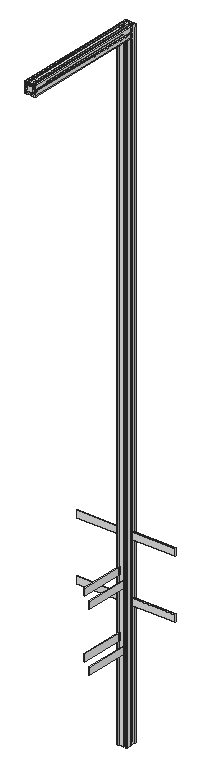
Revit family "Assmbly_PD6-Pole_3Bkt-1dbl-2singl_Rakks", category Specialty Equipment, Revit 2026
Family settings
  Round Connector Dimension = Use Diameter
  Part Type = Normal
  Classification Number = 23.40.50.31.11.14
  Work Plane-Based = No
  Enable Cutting in Views = No
  Always vertical = Yes
  Cut with Voids When Loaded = No
  Maintain Annotation Orientation = No
  Shared = Yes
  Room Calculation Point = No
Parameters
  Warranty Duration (Years) = 0
  Wall Location [instance] = 1' - 10 21/32"
  Unit Height [instance] = 10' - 0"
  URL = "http://www.rakks.com/"
  Type Comments = "Universal and Aria Brackets may not be used with SQ Standards"
  Test Data = "http://www.rakks.com/pdfs/Rangine_Corporation_Leed_Statement.pdf"
  Pole Type [instance] = Pole-PD6_Rakks : G Mount
  Specification = "http://www.arcat.com/sdspecs/htm/10670rak.htm"
  Shelf Overhang = 0' - 2"
  Shelf Length [instance] = 3' - 0"
  Send Message = "http://www.arcat.com/users.pl?action=UserEmail&company=Rangine%20Corp.%20-%20Rakks&coid=35076&rep=116&fax=781-455-8702&mf="
  Sales Information = "http://store.rakks.com/"
  Revision = "R1_03-2010"
  Product Properties = "http://www.arcat.com/bim/bim_info.pl?fn=Shelving_Rakks"
  Product Data = "http://www.arcat.com/arcatcos/cos35/arc35076.html"
  Model = ""
  Material = Metal - Clear Anodized
  Manufacturer's Notes = "Aluminum Shelves may only be used with rectangular brackets"
  Manufacturer Website = "http://www.rakks.com/"
  Manufacturer Phone - Toll Free = "800-826-6006"
  Manufacturer Phone = "781-455-8700"
  Manufacturer Fax = "781-455-8702"
  Manufacturer Address = "330 Reservoir St., Needham, MA 02494"
  Manufacturer = "Rangine Corp. - Rakks"
  Maintenance Schedule (Months) = 0
  Keynote = "10 56 00"
  Installation-Fabrication = "http://www.rakks.com/literature/install.html"
  Installation Phase = ""
  Ht8 [instance] = 1' - 1"
  Ht7 [instance] = 1' - 1"
  Ht6 [instance] = 0' - 11 15/32"
  Ht5 [instance] = 0' - 10 25/32"
  Ht4 [instance] = 1' - 2"
  Ht3 [instance] = 1' - 4"
  Ht2 [instance] = 0' - 11"
  Ht1 [instance] = 2' - 0 3/4"
  Green Building-LEED = "http://www.arcat.com/green/clients/leed_data_35076.html"
  Expected Lifespan (Years) = 0
  Drawn By = "Robert S. Weygant, CSI, CDT, SCIP"
  Description = ""
  Default Elevation = 0' - 0"
  Copyright = "2010, ARCAT, Inc"
  Construction Details = "http://www.arcat.com/details/rangine/rangine.html?coid=35076"
  Capacity (Weight) = 0.00 lbf
  Building Codes = ""
  Brackets [instance] = 2
  Bracket Type [instance] = Bkt-Rectangular_Rakks : Bkt-Rectangular_Rakks
  Bracket Location = 0' - 0 3/8"
  Assembly Code = "E1010500"
  9Offset [instance] = 0' - 7 227/256"
  8Offset [instance] = 0' - 2 33/64"
  8Bkt [instance] = Brackets > 7  # no
  7Offset [instance] = 0' - 4 25/64"
  7Bkt [instance] = Brackets > 6  # no
  6Offset [instance] = 0' - 6 1/64"
  6Bkt [instance] = Brackets > 5  # no
  5Offset [instance] = 0' - 7 227/256"
  5Bkt [instance] = Brackets > 4  # no
  4Offset [instance] = 0' - 2 33/64"
  4Bkt [instance] = Brackets > 3  # no
  3Offset [instance] = 0' - 4 25/64"
  3Bkt [instance] = Brackets > 2  # no
  32Offset [instance] = 0' - 2.51579"
  31Offset [instance] = 0' - 4.38896"
  30Offset [instance] = 0' - 6.01579"
  2Offset [instance] = 0' - 6 1/64"
  2Bkt [instance] = Brackets > 1  # yes
  29Offset [instance] = 0' - 7.88789"
  28Offset [instance] = 0' - 2.51579"
  27Offset [instance] = 0' - 4.38896"
  26Offset [instance] = 0' - 6.01579"
  25Offset [instance] = 0' - 7.88789"
  24Offset = 0' - 2.51579"
  23Offset [instance] = 0' - 4.38896"
  22Offset [instance] = 0' - 6.01579"
  21Offset [instance] = 0' - 7.88789"
  20Offset [instance] = 0' - 2.51579"
  1Offset [instance] = 0' - 7 227/256"
  19Offset [instance] = 0' - 4.38896"
  18Offset [instance] = 0' - 6.01579"
  17Offset [instance] = 0' - 7.88789"
  16Offset [instance] = 0' - 2.51579"
  15Offset [instance] = 0' - 4.38896"
  14Offset [instance] = 0' - 6.01579"
  13Offset [instance] = 0' - 7.88789"
  12Offset [instance] = 0' - 2 33/64"
  11Offset [instance] = 0' - 4 25/64"
  10Offset [instance] = 0' - 6 1/64"
Reference planes (in)
  plane 1 "Center (Front/Back)": y = 0
  plane 2: z = 0
  plane 3 "Center (Left/Right)": x = 0.21548
  plane 4: z = 120
  plane 5: y = -0.375
  plane 6: z = 24.75
  plane 7: z = 35.75
  plane 8: z = 51.75
  plane 9: z = 65.75
  plane 10: z = 76.53125
  plane 11: z = 88
  plane 12: x = 34.21548
  plane 13: x = -1.78452
  plane 14: x = 32.21548
  plane 15: y = -0.75
  plane 16: z = 101
  plane 17: z = 114
  plane 18: y = 0.375
  plane 19: y = 0.75
  plane 20: x = -0.15952
  plane 21: x = 0.59048
  plane 22: y = -22.28125
  plane 23: z = 111.48421
  plane 24: z = 109.61104
  plane 25: z = 107.98421
  plane 26: z = 106.11211
  plane 27: z = 98.48421
  plane 28: z = 96.61104
  plane 29: z = 94.98421
  plane 30: z = 93.11211
  plane 31: z = 85.48421
  plane 32: z = 83.61104
  plane 33: z = 81.98421
  plane 34: z = 80.11211
  plane 35: z = 74.01546
  plane 36: z = 72.14229
  plane 37: z = 70.51546
  plane 38: z = 68.64336
  plane 39: z = 49.23438
  plane 40: z = 47.35938
  plane 41: z = 45.73438
  plane 42: z = 43.86328
  plane 43: z = 33.23438
  plane 44: z = 31.35938
  plane 45: z = 29.73438
  plane 46: z = 27.86328
  plane 47: z = 22.23438
  plane 48: z = 20.35938
  plane 49: z = 18.73438
  plane 50: z = 16.86328
  plane 51: z = 63.23421
  plane 52: z = 61.36104
  plane 53: z = 59.73421
  plane 54: z = 57.86211
Dimensions and locks (in)
  "Unit Height": plane 4 to plane 2
  "Bracket Location": plane 5 to plane 1 "Center (Front/Back)"
  "Ht1": plane 6 to plane 2
  "Ht2": plane 7 to plane 6
  "Ht3": plane 8 to plane 7
  "Ht4": plane 9 to plane 8
  "Ht5": plane 10 to plane 9
  "Ht6": plane 11 to plane 10
  "Shelf Overhang": plane 13 to plane 3 "Center (Left/Right)"
  "Shelf Overhang": plane 14 to plane 12
  "Shelf Length": plane 13 to plane 12
  locked: plane 15 to plane 1 "Center (Front/Back)" at 0.75
  "Ht7": plane 16 to plane 11
  "Ht8": plane 17 to plane 16
  "Bracket Location": plane 1 "Center (Front/Back)" to plane 18
  locked: plane 1 "Center (Front/Back)" to plane 19 at 0.75
  "Bracket Location": plane 20 to plane 3 "Center (Left/Right)"
  "Bracket Location": plane 3 "Center (Left/Right)" to plane 21
  "Wall Location": plane 18 to plane 22
  "4Offset": plane 6 to plane 47
  "2Offset": plane 6 to plane 49
  "1Offset": plane 6 to plane 50
  "8Offset": plane 7 to plane 43
  "7Offset": plane 7 to plane 44
  "6Offset": plane 7 to plane 45
  "5Offset": plane 7 to plane 46
  "12Offset": plane 8 to plane 39
  "11Offset": plane 8 to plane 40
  "10Offset": plane 8 to plane 41
  "9Offset": plane 8 to plane 42
  "16Offset": plane 9 to plane 51
  "15Offset": plane 9 to plane 52
  "14Offset": plane 9 to plane 53
  "13Offset": plane 9 to plane 54
  "20Offset": plane 10 to plane 35
  "19Offset": plane 10 to plane 36
  "18Offset": plane 10 to plane 37
  "17Offset": plane 10 to plane 38
  "24Offset": plane 11 to plane 31
  "23Offset": plane 11 to plane 32
  "22Offset": plane 11 to plane 33
  "21Offset": plane 11 to plane 34
  "28Offset": plane 16 to plane 27
  "27Offset": plane 16 to plane 28
  "26Offset": plane 16 to plane 29
  "25Offset": plane 16 to plane 30
  "32Offset": plane 17 to plane 23
  "31Offset": plane 17 to plane 24
  "30Offset": plane 17 to plane 25
  "29Offset": plane 17 to plane 26
  "3Offset": plane 6 to plane 48
  aligned and locked: nested 1 to plane 3 "Center (Left/Right)"
  aligned and locked: plane 1 "Center (Front/Back)" to nested 1
  aligned and locked: nested 2 to plane 5
  aligned and locked: nested 8 to plane 5
  aligned and locked: nested 9 to plane 5
  aligned and locked: nested 7 to plane 5
  aligned and locked: nested 6 to plane 5
  aligned and locked: nested 5 to plane 5
  aligned and locked: nested 4 to plane 5
  aligned and locked: nested 3 to plane 5
  aligned and locked: plane 6 to nested 10
  aligned and locked: nested 18 to plane 6
  aligned and locked: plane 7 to nested 11
  aligned and locked: nested 19 to plane 7
  aligned and locked: plane 8 to nested 12
  aligned and locked: nested 20 to plane 8
  aligned and locked: plane 9 to nested 13
  aligned and locked: nested 21 to plane 9
  aligned and locked: plane 10 to nested 14
  aligned and locked: nested 22 to plane 10
  aligned and locked: plane 11 to nested 15
  aligned and locked: nested 23 to plane 11
  aligned and locked: plane 16 to nested 16
  aligned and locked: nested 24 to plane 16
  aligned and locked: plane 17 to nested 17
  aligned and locked: nested 25 to plane 17
  aligned and locked: plane 21 to nested 17
  aligned and locked: plane 21 to nested 16
  aligned and locked: plane 21 to nested 15
  aligned and locked: plane 21 to nested 14
  aligned and locked: plane 21 to nested 13
  aligned and locked: plane 21 to nested 12
  aligned and locked: plane 21 to nested 11
  aligned and locked: plane 21 to nested 10
  aligned and locked: plane 20 to nested 18
  aligned and locked: plane 20 to nested 19
  aligned and locked: plane 20 to nested 20
  aligned and locked: plane 20 to nested 21
  aligned and locked: plane 20 to nested 22
  aligned and locked: plane 20 to nested 23
  aligned and locked: plane 20 to nested 24
  aligned and locked: plane 20 to nested 25
  aligned and locked: plane 1 "Center (Front/Back)" to nested 24
  aligned and locked: plane 1 "Center (Front/Back)" to nested 25
  aligned and locked: nested 17 to plane 1 "Center (Front/Back)"
  aligned and locked: nested 16 to plane 1 "Center (Front/Back)"
  aligned and locked: plane 1 "Center (Front/Back)" to nested 23
  aligned and locked: nested 15 to plane 1 "Center (Front/Back)"
  aligned and locked: plane 1 "Center (Front/Back)" to nested 22
  aligned and locked: nested 14 to plane 1 "Center (Front/Back)"
  aligned and locked: plane 1 "Center (Front/Back)" to nested 21
  aligned and locked: nested 13 to plane 1 "Center (Front/Back)"
  aligned and locked: plane 1 "Center (Front/Back)" to nested 20
  aligned and locked: nested 12 to plane 1 "Center (Front/Back)"
  aligned and locked: plane 1 "Center (Front/Back)" to nested 19
  aligned and locked: nested 11 to plane 1 "Center (Front/Back)"
  aligned and locked: plane 1 "Center (Front/Back)" to nested 18
  aligned and locked: nested 10 to plane 1 "Center (Front/Back)"
  aligned and locked: nested 1 to plane 22
  aligned and locked: plane 20 to nested 9
  aligned and locked: plane 20 to nested 8
  aligned and locked: plane 20 to nested 7
  aligned and locked: plane 20 to nested 6
  aligned and locked: plane 20 to nested 5
  aligned and locked: plane 20 to nested 4
  aligned and locked: plane 20 to nested 3
  aligned and locked: plane 20 to nested 2
  aligned and locked: nested 26 to plane 21
  aligned and locked: nested 27 to plane 21
  aligned and locked: nested 28 to plane 21
  aligned and locked: nested 29 to plane 21
  aligned and locked: nested 30 to plane 21
  aligned and locked: nested 31 to plane 21
  aligned and locked: nested 32 to plane 21
  aligned and locked: nested 33 to plane 21
  aligned and locked: plane 25 to nested 9
  aligned and locked: plane 26 to nested 33
  aligned and locked: plane 30 to nested 32
  aligned and locked: plane 29 to nested 8
  aligned and locked: plane 33 to nested 7
  aligned and locked: plane 34 to nested 31
  aligned and locked: plane 37 to nested 6
  aligned and locked: plane 38 to nested 30
  aligned and locked: plane 53 to nested 5
  aligned and locked: plane 54 to nested 29
  aligned and locked: plane 41 to nested 4
  aligned and locked: plane 42 to nested 28
  aligned and locked: plane 45 to nested 3
  aligned and locked: plane 46 to nested 27
  aligned and locked: plane 49 to nested 2
  aligned and locked: plane 50 to nested 26
Nested families (in)
  nested 1: "Pole-PD6_Rakks" at (0.21548, 0, 0), type <- "Pole Type", Unit Height <- "Unit Height", type "G Mount"
    with WallLoc2 1' - 8 61/64", Wall Location 1' - 10 9/32", Unit Height 10' - 0", Has Return yes
  nested 2: "Bkt-Rectangular_Rakks" at (-0.28452, -0.375, 18.73438), type <- "Bracket Type", type "Bkt-Rectangular_Rakks"
  nested 3: "Bkt-Rectangular_Rakks" at (-0.28452, -0.375, 29.73438), type <- "Bracket Type", visible <- "2Bkt", type "Bkt-Rectangular_Rakks"
  nested 4: "Bkt-Rectangular_Rakks" at (-0.28452, -0.375, 45.73438), type <- "Bracket Type", visible <- "3Bkt", type "Bkt-Rectangular_Rakks"
  nested 5: "Bkt-Rectangular_Rakks" at (-0.28452, -0.375, 59.73421), type <- "Bracket Type", visible <- "4Bkt", type "Bkt-Rectangular_Rakks"
  nested 6: "Bkt-Rectangular_Rakks" at (-0.28452, -0.375, 70.51546), type <- "Bracket Type", visible <- "5Bkt", type "Bkt-Rectangular_Rakks"
  nested 7: "Bkt-Rectangular_Rakks" at (-0.28452, -0.375, 81.98421), type <- "Bracket Type", visible <- "6Bkt", type "Bkt-Rectangular_Rakks"
  nested 8: "Bkt-Rectangular_Rakks" at (-0.28452, -0.375, 94.98421), type <- "Bracket Type", visible <- "7Bkt", type "Bkt-Rectangular_Rakks"
  nested 9: "Bkt-Rectangular_Rakks" at (-0.28452, -0.375, 107.98421), type <- "Bracket Type", visible <- "8Bkt", type "Bkt-Rectangular_Rakks"
  nested 10: "Bkt-Rectangular_Rakks" at (0.59048, 0, 24.75) x (0, 1, 0) z (0, 0, 1), type <- "Bracket Type", type "Bkt-Rectangular_Rakks"
  nested 11: "Bkt-Rectangular_Rakks" at (0.59048, 0, 35.75) x (0, 1, 0) z (0, 0, 1), type <- "Bracket Type", visible <- "2Bkt", type "Bkt-Rectangular_Rakks"
  nested 12: "Bkt-Rectangular_Rakks" at (0.59048, 0, 51.75) x (0, 1, 0) z (0, 0, 1), type <- "Bracket Type", visible <- "3Bkt", type "Bkt-Rectangular_Rakks"
  nested 13: "Bkt-Rectangular_Rakks" at (0.59048, 0, 65.75) x (0, 1, 0) z (0, 0, 1), type <- "Bracket Type", visible <- "4Bkt", type "Bkt-Rectangular_Rakks"
  nested 14: "Bkt-Rectangular_Rakks" at (0.59048, 0, 76.53125) x (0, 1, 0) z (0, 0, 1), type <- "Bracket Type", visible <- "5Bkt", type "Bkt-Rectangular_Rakks"
  nested 15: "Bkt-Rectangular_Rakks" at (0.59048, 0, 88) x (0, 1, 0) z (0, 0, 1), type <- "Bracket Type", visible <- "6Bkt", type "Bkt-Rectangular_Rakks"
  nested 16: "Bkt-Rectangular_Rakks" at (0.59048, 0, 101) x (0, 1, 0) z (0, 0, 1), type <- "Bracket Type", visible <- "7Bkt", type "Bkt-Rectangular_Rakks"
  nested 17: "Bkt-Rectangular_Rakks" at (0.59048, 0, 114) x (0, 1, 0) z (0, 0, 1), type <- "Bracket Type", visible <- "8Bkt", type "Bkt-Rectangular_Rakks"
  nested 18: "Bkt-Rectangular_Rakks" at (-0.15952, 0, 24.75) x (0, 1, 0) z (0, 0, 1), type <- "Bracket Type", type "Bkt-Rectangular_Rakks"
  nested 19: "Bkt-Rectangular_Rakks" at (-0.15952, 0, 35.75) x (0, 1, 0) z (0, 0, 1), type <- "Bracket Type", visible <- "2Bkt", type "Bkt-Rectangular_Rakks"
  nested 20: "Bkt-Rectangular_Rakks" at (-0.15952, 0, 51.75) x (0, 1, 0) z (0, 0, 1), type <- "Bracket Type", visible <- "3Bkt", type "Bkt-Rectangular_Rakks"
  nested 21: "Bkt-Rectangular_Rakks" at (-0.15952, 0, 65.75) x (0, 1, 0) z (0, 0, 1), type <- "Bracket Type", visible <- "4Bkt", type "Bkt-Rectangular_Rakks"
  nested 22: "Bkt-Rectangular_Rakks" at (-0.15952, 0, 76.53125) x (0, 1, 0) z (0, 0, 1), type <- "Bracket Type", visible <- "5Bkt", type "Bkt-Rectangular_Rakks"
  nested 23: "Bkt-Rectangular_Rakks" at (-0.15952, 0, 88) x (0, 1, 0) z (0, 0, 1), type <- "Bracket Type", visible <- "6Bkt", type "Bkt-Rectangular_Rakks"
  nested 24: "Bkt-Rectangular_Rakks" at (-0.15952, 0, 101) x (0, 1, 0) z (0, 0, 1), type <- "Bracket Type", visible <- "7Bkt", type "Bkt-Rectangular_Rakks"
  nested 25: "Bkt-Rectangular_Rakks" at (-0.15952, 0, 114) x (0, 1, 0) z (0, 0, 1), type <- "Bracket Type", visible <- "8Bkt", type "Bkt-Rectangular_Rakks"
  nested 26: "Bkt-Rectangular_Rakks" at (0.71548, -0.375, 16.86328), type <- "Bracket Type", type "Bkt-Rectangular_Rakks"
  nested 27: "Bkt-Rectangular_Rakks" at (0.71548, -0.375, 27.86328), type <- "Bracket Type", visible <- "2Bkt", type "Bkt-Rectangular_Rakks"
  nested 28: "Bkt-Rectangular_Rakks" at (0.71548, -0.375, 43.86328), type <- "Bracket Type", visible <- "3Bkt", type "Bkt-Rectangular_Rakks"
  nested 29: "Bkt-Rectangular_Rakks" at (0.71548, -0.375, 57.86211), type <- "Bracket Type", visible <- "4Bkt", type "Bkt-Rectangular_Rakks"
  nested 30: "Bkt-Rectangular_Rakks" at (0.71548, -0.375, 68.64336), type <- "Bracket Type", visible <- "5Bkt", type "Bkt-Rectangular_Rakks"
  nested 31: "Bkt-Rectangular_Rakks" at (0.71548, -0.375, 80.11211), type <- "Bracket Type", visible <- "6Bkt", type "Bkt-Rectangular_Rakks"
  nested 32: "Bkt-Rectangular_Rakks" at (0.71548, -0.375, 93.11211), type <- "Bracket Type", visible <- "7Bkt", type "Bkt-Rectangular_Rakks"
  nested 33: "Bkt-Rectangular_Rakks" at (0.71548, -0.375, 106.11211), type <- "Bracket Type", visible <- "8Bkt", type "Bkt-Rectangular_Rakks"
Definition of nested family "Pole-PD6_Rakks"
  Parameters
    Warranty Duration (Years) = 0
    WallLoc2 [instance] = 1' - 8 61/64"
    Wall Location [instance] = 1' - 8 61/64"
    Unit Height [instance] = 8' - 0"
    URL = "http://www.rakks.com/"
    Test Data = "http://www.rakks.com/pdfs/Rangine_Corporation_Leed_Statement.pdf"
    Specification = "http://www.arcat.com/sdspecs/htm/10670rak.htm"
    Send Message = "http://www.arcat.com/users.pl?action=UserEmail&company=Rangine%20Corp.%20-%20Rakks&coid=35076&rep=116&fax=781-455-8702&mf="
    Sales Information = "http://store.rakks.com/"
    Revision = "R1_03-2010"
    Product Properties = "http://www.arcat.com/bim/bim_info.pl?fn=Shelving_Rakks"
    Product Data = "http://www.arcat.com/arcatcos/cos35/arc35076.html"
    Model = ""
    Material = none
    Manufacturer Website = "http://www.rakks.com/"
    Manufacturer Phone - Toll Free = "800-826-6006"
    Manufacturer Phone = "781-455-8700"
    Manufacturer Fax = "781-455-8702"
    Manufacturer Address = "330 Reservoir St., Needham, MA 02494"
    Manufacturer = "Rangine Corp. - Rakks"
    Maintenance Schedule (Months) = 0
    Keynote = "10 56 00"
    Installation-Fabrication = "http://www.rakks.com/literature/install.html"
    Installation Phase = ""
    Has Return [instance] = yes
    Green Building-LEED = "http://www.arcat.com/green/clients/leed_data_35076.html"
    Expected Lifespan (Years) = 0
    Drawn By = "Robert S. Weygant, CSI, CDT, SCIP"
    Description = ""
    Default Elevation = 0' - 0"
    Copyright = "2010, ARCAT, Inc"
    Construction Details = "http://www.arcat.com/details/rangine/rangine.html?coid=35076"
    Capacity (Weight) = 0.00 lbf
    Building Codes = ""
    Assembly Code = "E1010500"
  Reference planes (in)
    plane 1 "Center (Front/Back)": y = 0
    plane 2: z = 0
    plane 3 "Center (Left/Right)": x = 0
    plane 4: z = 96
    plane 5: x = -1
    plane 6: y = 1
    plane 7: y = -1
    plane 8: x = 1
    plane 9: y = -20.95313
  Forms (in)
    Extrusion 1, solid, material <- "Material"
      sketch origin (0, 0, 0) x (1, 0, 0) y (0, 1, 0)
        loop
          arc (-0.686, 0.905) -> (-0.6385, 0.9525) -> (-0.686, 1) r 0.0475
          line (-0.686, 1) -> (-0.875, 1)
          arc (-0.875, 1) -> (-0.96339, 0.96339) -> (-1, 0.875) r 0.125
          line (-1, 0.875) -> (-1, 0.1875)
          arc (-1, 0.1875) -> (-0.9525, 0.14) -> (-0.905, 0.1875) r 0.0475
          line (-0.905, 0.1875) -> (-0.905, 0.435) -> (-0.49775, 0.435) -> (-0.44813, 0.33582)
          arc (-0.44813, 0.33582) -> (-0.56, 0) -> (-0.44813, -0.33582) r 0.56
          line (-0.44813, -0.33582) -> (-0.49775, -0.435) -> (-0.905, -0.435) -> (-0.905, -0.1875)
          arc (-0.905, -0.1875) -> (-0.9525, -0.14) -> (-1, -0.1875) r 0.0475
          line (-1, -0.1875) -> (-1, -0.875)
          arc (-1, -0.875) -> (-0.96339, -0.96339) -> (-0.875, -1) r 0.125
          line (-0.875, -1) -> (-0.686, -1)
          arc (-0.686, -1) -> (-0.6385, -0.9525) -> (-0.686, -0.905) r 0.0475
          line (-0.686, -0.905) -> (-0.905, -0.905) -> (-0.905, -0.56) -> (-0.092, -0.56) -> (-0.092, -0.905) -> (-0.311, -0.905)
          arc (-0.311, -0.905) -> (-0.3585, -0.9525) -> (-0.311, -1) r 0.0475
          line (-0.311, -1) -> (0.311, -1)
          arc (0.311, -1) -> (0.3585, -0.9525) -> (0.311, -0.905) r 0.0475
          line (0.311, -0.905) -> (0.092, -0.905) -> (0.092, -0.56) -> (0.905, -0.56) -> (0.905, -0.905) -> (0.686, -0.905)
          arc (0.686, -0.905) -> (0.6385, -0.9525) -> (0.686, -1) r 0.0475
          line (0.686, -1) -> (0.875, -1)
          arc (0.875, -1) -> (0.96339, -0.96339) -> (1, -0.875) r 0.125
          line (1, -0.875) -> (1, -0.1875)
          arc (1, -0.1875) -> (0.9525, -0.14) -> (0.905, -0.1875) r 0.0475
          line (0.905, -0.1875) -> (0.905, -0.435) -> (0.49775, -0.435) -> (0.44813, -0.33582)
          arc (0.44813, -0.33582) -> (0.56, 0) -> (0.44813, 0.33582) r 0.56
          line (0.44813, 0.33582) -> (0.49775, 0.435) -> (0.905, 0.435) -> (0.905, 0.1875)
          arc (0.905, 0.1875) -> (0.9525, 0.14) -> (1, 0.1875) r 0.0475
          line (1, 0.1875) -> (1, 0.875)
          arc (1, 0.875) -> (0.96339, 0.96339) -> (0.875, 1) r 0.125
          line (0.875, 1) -> (0.686, 1)
          arc (0.686, 1) -> (0.6385, 0.9525) -> (0.686, 0.905) r 0.0475
          line (0.686, 0.905) -> (0.905, 0.905) -> (0.905, 0.56) -> (0.092, 0.56) -> (0.092, 0.905) -> (0.311, 0.905)
          arc (0.311, 0.905) -> (0.3585, 0.9525) -> (0.311, 1) r 0.0475
          line (0.311, 1) -> (-0.311, 1)
          arc (-0.311, 1) -> (-0.3585, 0.9525) -> (-0.311, 0.905) r 0.0475
          line (-0.311, 0.905) -> (-0.092, 0.905) -> (-0.092, 0.56) -> (-0.905, 0.56) -> (-0.905, 0.905) -> (-0.686, 0.905)
      from 0 to 96
    Extrusion 2, solid, material <- "Material", visible <- "Has Return"
      sketch origin (0, 0, 0) x (1, 0, 0) y (0, 0, 1)
        loop
          arc (-0.686, 95.905) -> (-0.6385, 95.9525) -> (-0.686, 96) r 0.0475
          line (-0.686, 96) -> (-0.875, 96)
          arc (-0.875, 96) -> (-0.96339, 95.96339) -> (-1, 95.875) r 0.125
          line (-1, 95.875) -> (-1, 95.1875)
          arc (-1, 95.1875) -> (-0.9525, 95.14) -> (-0.905, 95.1875) r 0.0475
          line (-0.905, 95.1875) -> (-0.905, 95.435) -> (-0.49775, 95.435) -> (-0.44813, 95.33582)
          arc (-0.44813, 95.33582) -> (-0.56, 95) -> (-0.44813, 94.66418) r 0.56
          line (-0.44813, 94.66418) -> (-0.49775, 94.565) -> (-0.905, 94.565) -> (-0.905, 94.8125)
          arc (-0.905, 94.8125) -> (-0.9525, 94.86) -> (-1, 94.8125) r 0.0475
          line (-1, 94.8125) -> (-1, 94.125)
          arc (-1, 94.125) -> (-0.96339, 94.03661) -> (-0.875, 94) r 0.125
          line (-0.875, 94) -> (-0.686, 94)
          arc (-0.686, 94) -> (-0.6385, 94.0475) -> (-0.686, 94.095) r 0.0475
          line (-0.686, 94.095) -> (-0.905, 94.095) -> (-0.905, 94.44) -> (-0.092, 94.44) -> (-0.092, 94.095) -> (-0.311, 94.095)
          arc (-0.311, 94.095) -> (-0.3585, 94.0475) -> (-0.311, 94) r 0.0475
          line (-0.311, 94) -> (0.311, 94)
          arc (0.311, 94) -> (0.3585, 94.0475) -> (0.311, 94.095) r 0.0475
          line (0.311, 94.095) -> (0.092, 94.095) -> (0.092, 94.44) -> (0.905, 94.44) -> (0.905, 94.095) -> (0.686, 94.095)
          arc (0.686, 94.095) -> (0.6385, 94.0475) -> (0.686, 94) r 0.0475
          line (0.686, 94) -> (0.875, 94)
          arc (0.875, 94) -> (0.96339, 94.03661) -> (1, 94.125) r 0.125
          line (1, 94.125) -> (1, 94.8125)
          arc (1, 94.8125) -> (0.9525, 94.86) -> (0.905, 94.8125) r 0.0475
          line (0.905, 94.8125) -> (0.905, 94.565) -> (0.49775, 94.565) -> (0.44813, 94.66418)
          arc (0.44813, 94.66418) -> (0.56, 95) -> (0.44813, 95.33582) r 0.56
          line (0.44813, 95.33582) -> (0.49775, 95.435) -> (0.905, 95.435) -> (0.905, 95.1875)
          arc (0.905, 95.1875) -> (0.9525, 95.14) -> (1, 95.1875) r 0.0475
          line (1, 95.1875) -> (1, 95.875)
          arc (1, 95.875) -> (0.96339, 95.96339) -> (0.875, 96) r 0.125
          line (0.875, 96) -> (0.686, 96)
          arc (0.686, 96) -> (0.6385, 95.9525) -> (0.686, 95.905) r 0.0475
          line (0.686, 95.905) -> (0.905, 95.905) -> (0.905, 95.56) -> (0.092, 95.56) -> (0.092, 95.905) -> (0.311, 95.905)
          arc (0.311, 95.905) -> (0.3585, 95.9525) -> (0.311, 96) r 0.0475
          line (0.311, 96) -> (-0.311, 96)
          arc (-0.311, 96) -> (-0.3585, 95.9525) -> (-0.311, 95.905) r 0.0475
          line (-0.311, 95.905) -> (-0.092, 95.905) -> (-0.092, 95.56) -> (-0.905, 95.56) -> (-0.905, 95.905) -> (-0.686, 95.905)
      from 0 to 20.95313
  Dimensions and locks (in)
    "Unit Height": plane 4 to plane 2
    "Wall Location": plane 1 "Center (Front/Back)" to plane 9
    aligned and locked: plane 4 to Extrusion 1
    aligned and locked: plane 9 to Extrusion 2
    aligned and locked: Extrusion 2 to plane 1 "Center (Front/Back)"
  Automatic sketch dimensions
    Extrusion 1 sketch curve to Extrusion 1 sketch curve = 0' - 0"  (x10)
    Extrusion 1 sketch curve to plane 1 "Center (Front/Back)" = 0' - 0"
    Extrusion 1 sketch curve to plane 3 "Center (Left/Right)" = 0' - 0"
    Extrusion 1 sketch curve to plane 3 "Center (Left/Right)" = 0' - 0.092"  (x2)
    Extrusion 1 sketch curve to Extrusion 1 sketch curve = 0' - 0.219"  (x4)
    Extrusion 1 sketch curve to Extrusion 1 sketch curve = 0' - 0.35613"  (x4)
    Extrusion 1 sketch curve to Extrusion 1 sketch curve = 0' - 0.04961"  (x4)
    Extrusion 1 sketch curve to Extrusion 1 sketch curve = 0' - 0 3/8"  (x4)
    Extrusion 1 sketch curve to Extrusion 1 sketch curve = 0' - 0.189"  (x4)
    Extrusion 1 sketch curve to Extrusion 1 sketch curve = 0' - 0.03"  (x3)
    plane 1 "Center (Front/Back)" to Extrusion 1 sketch curve = 0' - 0 3/16"  (x2)
    Extrusion 1 sketch curve to Extrusion 1 sketch curve = 0' - 0.40725"  (x2)
    Extrusion 1 sketch curve to Extrusion 1 sketch curve = 0' - 0.0475"  (x6)
    plane 3 "Center (Left/Right)" to Extrusion 1 sketch curve = 0' - 0.092"  (x2)
    plane 1 "Center (Front/Back)" to Extrusion 1 sketch curve = 0' - 0.33582"  (x2)
    Extrusion 1 sketch curve to Extrusion 1 sketch curve = 0' - 0.2475"  (x2)
    Extrusion 1 sketch curve to Extrusion 1 sketch curve = 0' - 0.09918"  (x2)
    Extrusion 1 sketch curve to Extrusion 1 sketch curve = 0' - 0.22418"  (x2)
    Extrusion 1 sketch curve to Extrusion 1 sketch curve = 0' - 0 1/8"
    Extrusion 1 sketch curve to Extrusion 1 sketch curve = 0' - 0.315"  (x4)
    Extrusion 1 sketch curve to Extrusion 1 sketch curve = 0' - 0.095"  (x4)
    Extrusion 1 sketch curve to plane 1 "Center (Front/Back)" = 0' - 0 3/16"  (x2)
    Extrusion 2 sketch curve to Extrusion 2 sketch curve = 0' - 0"  (x8)
    Extrusion 2 sketch curve to plane 8 = 0' - 0.095"  (x4)
    Extrusion 2 sketch curve to plane 8 = 0' - 0 1/8"  (x2)
    Extrusion 2 sketch curve to Extrusion 2 sketch curve = 0' - 0.189"  (x4)
    Extrusion 2 sketch curve to Extrusion 2 sketch curve = 0' - 0.40725"  (x2)
    Extrusion 2 sketch curve to Extrusion 2 sketch curve = 0' - 0.04961"  (x4)
    Extrusion 2 sketch curve to Extrusion 2 sketch curve = 0' - 0 3/8"  (x6)
    plane 3 "Center (Left/Right)" to Extrusion 2 sketch curve = 0' - 0.092"  (x2)
    plane 3 "Center (Left/Right)" to Extrusion 2 sketch curve = 0' - 0"
    Extrusion 2 sketch curve to plane 3 "Center (Left/Right)" = 0' - 0.092"  (x2)
    Extrusion 2 sketch curve to plane 3 "Center (Left/Right)" = 0' - 0.311"  (x2)
    Extrusion 2 sketch curve to plane 3 "Center (Left/Right)" = 0' - 0.44813"  (x2)
    Extrusion 2 sketch curve to Extrusion 2 sketch curve = 0' - 0.03"
    Extrusion 2 sketch curve to plane 5 = 0' - 0.095"
    Extrusion 2 sketch curve to Extrusion 2 sketch curve = 0' - 0.0475"  (x7)
    Extrusion 2 sketch curve to plane 8 = 0' - 0.0475"  (x2)
    Extrusion 2 sketch curve to plane 4 = 0' - 2"
    Extrusion 2 sketch curve to Extrusion 2 sketch curve = 0' - 0.345"
    Extrusion 2 sketch curve to Extrusion 2 sketch curve = 0' - 0.315"  (x3)
    Extrusion 2 sketch curve to Extrusion 2 sketch curve = 0' - 0 1/8"  (x2)
    Extrusion 2 sketch curve to Extrusion 2 sketch curve = 0' - 0.09918"  (x3)
    Extrusion 2 sketch curve to Extrusion 2 sketch curve = 0' - 0.2475"  (x3)
    Extrusion 2 sketch curve to Extrusion 2 sketch curve = 0' - 0.33582"
    Extrusion 2 sketch curve to Extrusion 2 sketch curve = 0' - 0.22418"
    Extrusion 2 sketch curve to Extrusion 2 sketch curve = 0' - 0.095"  (x3)
Definition of nested family "Bkt-Rectangular_Rakks"
  Parameters
    Warranty Duration (Years) = 0
    Unit Depth = 0' - 8 3/4"
    URL = "http://www.rakks.com/"
    Test Data = "http://www.rakks.com/pdfs/Rangine_Corporation_Leed_Statement.pdf"
    Specification = "http://www.arcat.com/sdspecs/htm/10670rak.htm"
    Send Message = "http://www.arcat.com/users.pl?action=UserEmail&company=Rangine%20Corp.%20-%20Rakks&coid=35076&rep=116&fax=781-455-8702&mf="
    Sales Information = "http://store.rakks.com/"
    Default Elevation = 0' - 0"
    Bracket Thickness = 0' - 0 1/4"
    Bracket Depth = 0' - 1 1/4"
    Revision = "R1_03-2010"
    Product Properties = "http://www.arcat.com/bim/bim_info.pl?fn=Shelving_Rakks"
    Product Data = "http://www.arcat.com/arcatcos/cos35/arc35076.html"
    Model = ""
    Material = none
    Manufacturer Website = "http://www.rakks.com/"
    Manufacturer Phone - Toll Free = "800-826-6006"
    Manufacturer Phone = "781-455-8700"
    Manufacturer Fax = "781-455-8702"
    Manufacturer Address = "330 Reservoir St., Needham, MA 02494"
    Manufacturer = "Rangine Corp. - Rakks"
    Maintenance Schedule (Months) = 0
    Keynote = "10 56 00"
    Installation-Fabrication = "http://www.rakks.com/literature/install.html"
    Installation Phase = ""
    Green Building-LEED = "http://www.arcat.com/green/clients/leed_data_35076.html"
    Expected Lifespan (Years) = 0
    Drawn By = "Robert S. Weygant, CSI, CDT, SCIP"
    Description = ""
    Copyright = "2010, ARCAT, Inc"
    Construction Details = "http://www.arcat.com/details/rangine/rangine.html?coid=35076"
    Capacity (Weight) = 0.00 lbf
    Building Codes = ""
    Assembly Code = "E1010500"
  Reference planes (in)
    plane 1 "Back": y = 0
    plane 2: z = 0
    plane 3 "Center (Left/Right)": x = 0
    plane 4: y = -8.75
    plane 5: z = -1.25
    plane 6: x = -0.125
    plane 7: x = 0.125
    plane 8 "Mounting Face": y = -0.75
  Forms (in)
    Extrusion 1, solid, material <- "Material"
      sketch origin (0, 0, -0.5821) x (0, 1, 0) y (0, 0, 1)
        loop
          line (-8.75, -0.6679) -> (0, -0.6679) -> (0, 0.3321) -> (-0.25, 0.5821) -> (-8.75, 0.5821) -> (-8.75, -0.6679)
      from -0.125 to 0.125
  Dimensions and locks (in)
    "Unit Depth": plane 1 "Back" to plane 4
    "Bracket Depth": level to plane 5
    equal spacing: plane 7, plane 3 "Center (Left/Right)", plane 6
    "Bracket Thickness": plane 7 to plane 6
    aligned and locked: Extrusion 1 to plane 6
    aligned and locked: plane 7 to Extrusion 1
  Automatic sketch dimensions
    Extrusion 1 sketch curve to plane 4 = 0' - 0"
    Extrusion 1 sketch curve to level = 0' - 0"
    Extrusion 1 sketch curve to plane 1 "Back" = 0' - 0"
    Extrusion 1 sketch curve to plane 5 = 0' - 0"
    plane 1 "Back" to Extrusion 1 sketch curve = 0' - 0 1/4"
    Extrusion 1 sketch curve to level = 0' - 0 1/4"
